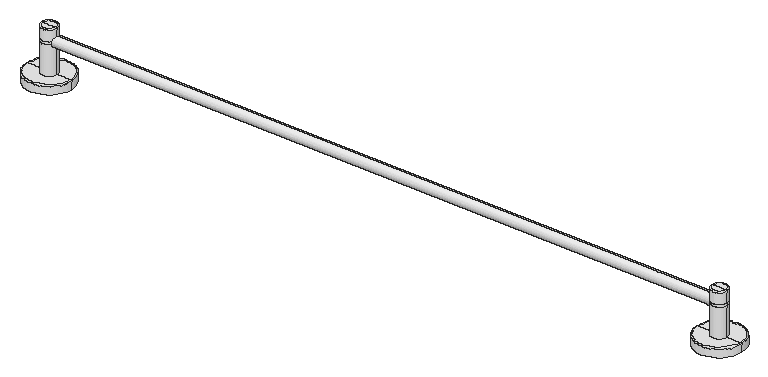
Revit family "Grohe_PlumbingFixture_Essentials_TowelRail_40366001a", category Plumbing Fixtures, host Face, Revit 2018
Family settings
  Host = Face
  Round Connector Dimension = Use Diameter
  Part Type = Normal
  OmniClass Number = 23.65.00.00
  OmniClass Title = Supply and Distribution of Liquids and Gases
  Cut with Voids When Loaded = No
  Shared = No
  Room Calculation Point = No
Parameters (values of type "40366001")
  _ObjectUserGuide = "www.bimstore.co"
  _DistributedBy = "www.bimstore.co"
  _CurrentRevision = 1
  _CreatedBy = "www.bimstore.co"
  _BimSpecGuid = 0
  _BSBibleVersion = 16
  _AuthorizedBy = "bimstore"
  _Author = "RL"
  WarrantyStartDate [instance] = "Please record on commissioning."
  WarrantyGuarantorParts = "info-uk@grohe.com"
  WarrantyGuarantorLabor = "info-uk@grohe.com"
  WarrantyDurationUnit = "Years"
  WarrantyDurationParts = "0"
  WarrantyDurationLabor = "0"
  WarrantyDescription = "n/a"
  URL = "www.grohe.com"
  TypeName = "ESSENTIALS - TOWEL RAIL"
  Type Comments = "TOWEL RAIL"
  SpareParts = "info-uk@grohe.com"
  Size = "n/a"
  Shape = "n/a"
  SerialNumber [instance] = "Please record on commissioning."
  ReplacementCost = "n/a"
  ReferencedStandard = "n/a"
  ProductionYear = "2020"
  ProductPageURL = "https://www.grohe.co.uk/en_gb/essentials-towel-rail-40366001.html"
  ProductDocumentationLink = "n/a"
  PercentageOfRecycledContent = "n/a"
  NominalLength = 0 mm
  NominalHeight = 0 mm
  NominalDepth = 0 mm
  NBSReference = "45-35-72/372"
  NBSOfficeMasterTag = "n/a"
  NBSObjectName = "Grohe - Towel rails"
  NBSNote = ""
  NBSDescription = "Towel rails"
  ModelReference = "ESSENTIALS - TOWEL RAIL"
  ModelNumber = "40366001"
  Model = "ESSENTIALS"
  Material = "n/a"
  MasterformatTitle = "Sanitary Facilities"
  MasterformatNumber = "01 52 19"
  ManufacturerName = "Grohe"
  Manufacturer = "Grohe"
  LowEmittingMaterial = no
  LEEDCredit = "n/a"
  Keynote = "N13"
  InstallationDate [instance] = "Please record on commissioning."
  IndustryStandards = "n/a"
  IfcExportType = "IfcPipeFittingType"
  IfcExportAs = "IfcPipeFitting"
  HotWaterConnectionDiameter = 10 mm
  HWFU = 0
  Grade = "n/a"
  Finish = "n/a"
  Features = "material: metal \r\n654 mm (useable length 600 mm) \r\nconcealed fastening \r\nGROHE StarLight chrome finish \r\nsuitable for screwing (including screws and dowels) or gluing (glue 40 915 000 sold separately)"
  FaucetMaterial = Grohe-Chrome
  ExpectedLife = 0
  Ecojoy = no
  DurationUnit = "Years"
  DocumentationTechnical = "www.grohe.co.uk/"
  DocumentationMaintenance = "www.grohe.co.uk/"
  DocumentationLiterature = "www.grohe.co.uk/"
  DocumentationInstallationGuide = "www.grohe.co.uk/"
  DocumentationCertificates = "www.grohe.co.uk/"
  Description = "To create your very own bathroom design blending harmonious style and user-friendly functionality has never been easier. Simply add a choice of our beautifully crafted GROHE Essentials accessories such as the slim yet sturdy 600mm towel rail – the perfect place to hang a bathroom towel. The rail has concealed fastenings and a durable, easy-care GROHE StarLight chrome finish that will sparkle for years. It’s also easy to fit – just follow the clear step-by-step instructions. Don’t forget to check out other products in the comprehensive collection such as the robe hook, toilet brush set, toilet paper holder and numerous towel rails and bath grips. Or for added ease and convenience why not try one of our complementary all-in-one sets? GROHE Essentials accessories – precision craftsmanship, highest quality materials and design that lasts!"
  Default Elevation = 0 mm
  CreatedOn = "2020-03-01T09:00:00"
  CreatedBy = "info-uk@grohe.com"
  Cost = 0
  ContactGrohe = "info-uk@grohe.com"
  Constituents = "n/a"
  Color = "Chrome"
  ColdWaterConnectionDiameter = 10 mm
  CodePerformance = "n/a"
  ClassificationValue = "Pr_40_20_76_90"
  ClassificationName = "Uniclass 2015"
  CWFU = 0
  BarCode [instance] = "Please record on commissioning."
  BIMObjectName = "Grohe_PlumbingFixture_Essentials_TowelRail_40366001"
  AssetType = "Fixed"
  AssetIdentifier [instance] = "Please record on commissioning."
  Assembly Code = "D2010"
  AccessibilityPerformance = "n/a"
  ADACompliant = no
Reference planes
  plane 1 "Center (Front/Back)": y = 0
  plane 2: z = 0
  plane 3 "Center (Left/Right)": x = 0
Forms (mm)
  Revolve 1, solid, material "Grohe-Chrome" <- "FaucetMaterial"
    sketch origin (0, 0, 0) x (1, 0, 0) y (0, 0, 1)
      loop
        line (-400, 59.999) -> (-408, 59.999)
        arc (-408, 59.999) -> (-408.707, 59.706) -> (-409, 58.999) r 1
        line (-409, 58.999) -> (-409, 46.999) -> (-408.2, 46.999) -> (-408.2, 45.999) -> (-409, 45.999) -> (-409, 43.999) -> (-408.2, 43.999) -> (-408.2, 42.999) -> (-409, 42.999) -> (-409, 10) -> (-426, 10)
        arc (-426, 10) -> (-426.707, 9.707) -> (-427, 9) r 1
        line (-427, 9) -> (-427, 0) -> (-400, 0) -> (-400, 59.999)
      axis (-400, 0) -> (-400, 59.999)
    angle from 0 to 360
  Revolve 2, solid, material "Grohe-Chrome" <- "FaucetMaterial"
    sketch origin (0, 0, 0) x (-1, 0, 0) y (0, 0, 1)
      loop
        line (-400, 59.999) -> (-408, 59.999)
        arc (-408, 59.999) -> (-408.707, 59.706) -> (-409, 58.999) r 1
        line (-409, 58.999) -> (-409, 46.999) -> (-408.2, 46.999) -> (-408.2, 45.999) -> (-409, 45.999) -> (-409, 43.999) -> (-408.2, 43.999) -> (-408.2, 42.999) -> (-409, 42.999) -> (-409, 10) -> (-426, 10)
        arc (-426, 10) -> (-426.707, 9.707) -> (-427, 9) r 1
        line (-427, 9) -> (-427, 0) -> (-400, 0) -> (-400, 59.999)
      axis (-400, 0) -> (-400, 59.999)
    angle from 0 to 360
  Revolve 3, solid, material "Grohe-Chrome" <- "FaucetMaterial"
    sketch origin (0, 0, 0) x (1, 0, 0) y (0, 0, 1)
      loop
        line (-400, 44.991) -> (400, 44.991) -> (400, 50.991) -> (-400, 50.991) -> (-400, 44.991)
      axis (-400, 44.991) -> (400, 44.991)
    angle from 0 to 360
Cuts and joins
  joined: Revolve 1, Revolve 2, Revolve 3
Dimensions and locks
  aligned and locked: plane 2 to host face
  aligned and locked: level to host face
